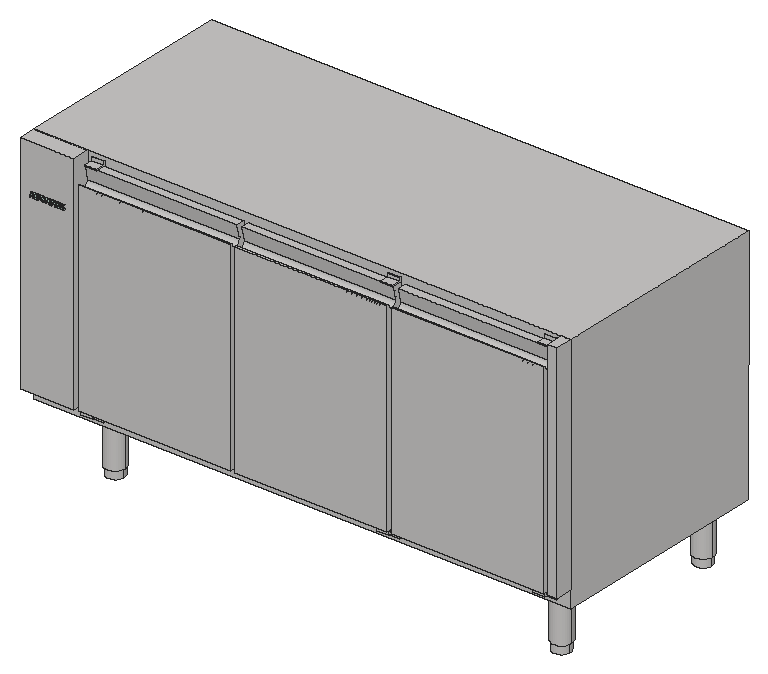
Revit family "QF_ALPENINOX_712137_AK3R7AAA", category Specialty Equipment, Revit 2018
Family settings
  Round Connector Dimension = Use Diameter
  Part Type = Normal
  Work Plane-Based = No
  Always vertical = Yes
  Cut with Voids When Loaded = No
  Shared = No
  Room Calculation Point = No
Parameters
  Weight = 0.00 kg
  Watts = 2.78709 W
  Volts = 220 V
  URL Manufacturer = "http://www.alpeninox.com"
  URL = "http://www.alpeninox.com"
  Steam Supply Size = 0 mm
  Steam Supply Minimum Pressure = 0.0 Pa
  Steam Supply Maximum Pressure = 0.0 Pa
  Steam Pounds per Hour = 0
  Refrigeration Suction Line Size = 0 mm
  Refrigeration Liquid Line Size = 0 mm
  Refrigerant Compressor Remote = yes
  Manufacturer = "Alpeninox"
  Phase = 1
  Model = "AK3R7AAA"
  Length Actual = 1557 mm  # constant formula
  Length = 1557 mm
  Item Number = "712137"
  Hot Water Size = 0 mm
  Height Actual = 850 mm  # constant formula
  Height = 700 mm
  HP = "0 HP"
  Gas Size = 0 mm
  Gas KW = 0
  Gas Input Pressure = 0 W
  Depth Actual = 700 mm  # constant formula
  Depth = 695 mm
  Description = "3 DOOR REFRIGERATED TABLE -2C-NO TOP REM "
  Cycle = 60 Hz
  Condensate Return Size = 0 mm
  Compressed Air Volume = 0.0 L/s
  Compressed Air Size = 0 mm
  Compressed Air Pressure = 0.0 Pa
  Cold Water Size = 0 mm
  Accessory = yes
Reference planes
  plane 1: z = 0
  plane 2 "Center (Left/Right)": x = -124.5
  plane 3 "Center (Front/Back)": y = 64.5
  plane 4 "FEET": z = 150
  plane 5 "TOP": z = 900
  plane 6 "PLAIN": z = 850
  plane 7 "EI_back": y = 359
  plane 8 "EI_left": x = -837
  plane 9 "BACK": y = 412
  plane 10 "FRONT": y = -283
  plane 11 "DOOR": y = -233
  plane 12 "LEFT": x = -903
  plane 13 "RIGHT": x = 654
  plane 14: x = -878
  plane 15: x = 629
  plane 16 "RO_left": x = -863
  plane 17 "RI_left": x = -811
  plane 18 "RO_back": y = 375.5
  plane 19 "RI_back": y = 375.5
  plane 20 "DRAINleft": x = -837
  plane 21 "DRAINback": y = 164
Forms (mm)
  Extrusion 1, solid, material "QF_Finishes_Stainless Steel"
    sketch origin (-1022.223, -1524, 150) x (-1, 0, 0) y (0, -1, 0)
      loop
        circle (-185.223, -1883) r 5
    from 0 to -40
  Extrusion 2, solid, material "QF_Finishes_Stainless Steel"
    sketch origin (-1022.223, -1524, 150) x (-1, 0, 0) y (0, -1, 0)
      loop
        line (-1651.223, -1291) -> (-1651.223, -1241) -> (-1676.223, -1241) -> (-1676.223, -1291) -> (-1651.223, -1291)
    from 48 to 700 <- "Height"
  Extrusion 3, solid, material "QF_Finishes_Stainless Steel"
    sketch origin (-1022.223, -1524, 150) x (-1, 0, 0) y (0, -1, 0)
      loop
        circle (-159.223, -1899.5) r 4.25
    from 0 to -20
  Extrusion 4, solid, material "QF_Finishes_Stainless Steel"
    sketch origin (-1022.223, -1524, 150) x (-1, 0, 0) y (0, -1, 0)
      loop
        circle (-211.223, -1899.5) r 4
    from 0 to -20
  Extrusion 5, solid, material "QF_Finishes_Stainless Steel"
    sketch origin (-1022.223, -1524, 150) x (-1, 0, 0) y (0, -1, 0)
      loop
        circle (-185.223, -1688) r 8.5
    from 0 to -40
  Extrusion 6, solid, material "QF_Finishes_Stainless Steel"
    sketch origin (-1022.223, -1524, 150) x (-1, 0, 0) y (0, -1, 0)
      loop
        line (-119.223, -1936) -> (-119.223, -1291) -> (-1676.223, -1291) -> (-1676.223, -1936) -> (-119.223, -1936)
    from 0 to 700 <- "Height"
Lines and regions (mm)
  symbolic lines, style "SpecialityEquipmentHiddenLines"
    curve 1: line (-903, 412, 150) -> (654, 412, 150)
    curve 2: line (-903, -283, 150) -> (-903, 412, 150)
    curve 3: line (654, -283, 150) -> (-903, -283, 150)
    curve 4: line (654, 412, 150) -> (654, -283, 150)
    curve 5: line (-903, -233, 150) -> (654, -233, 150)
    curve 6: line (629, -233, 150) -> (629, -283, 150)
Dimensions and locks
  plane 4 "FEET" to level = 150 mm
  plane 11 "DOOR" to plane 10 "FRONT" = 50 mm
  "Height": plane 6 "PLAIN" to plane 4 "FEET"
  plane 5 "TOP" to plane 6 "PLAIN" = 50 mm
  plane 12 "LEFT" to plane 14 = 25 mm
  plane 15 to plane 13 "RIGHT" = 25 mm
  plane 9 "BACK" to plane 18 "RO_back" = 36.5 mm
  plane 9 "BACK" to plane 7 "EI_back" = 53 mm
  plane 9 "BACK" to plane 19 "RI_back" = 36.5 mm
  plane 9 "BACK" to plane 21 "DRAINback" = 248 mm
  plane 12 "LEFT" to plane 20 "DRAINleft" = 66 mm
  plane 12 "LEFT" to plane 8 "EI_left" = 66 mm
  plane 12 "LEFT" to plane 17 "RI_left" = 92 mm
  plane 12 "LEFT" to plane 16 "RO_left" = 40 mm
  "Depth": plane 9 "BACK" to plane 10 "FRONT"
  equal spacing: plane 9 "BACK", plane 3 "Center (Front/Back)", plane 10 "FRONT"
  "Length": plane 12 "LEFT" to plane 13 "RIGHT"
  equal spacing: plane 12 "LEFT", plane 2 "Center (Left/Right)", plane 13 "RIGHT"
  aligned and locked: level to plane 1
Automatic sketch dimensions
  Extrusion 1 sketch curve to plane 7 "EI_back" = 0 mm
  Extrusion 1 sketch curve to plane 8 "EI_left" = 0 mm
  Extrusion 2 sketch curve to plane 11 "DOOR" = 0 mm
  Extrusion 2 sketch curve to plane 13 "RIGHT" = 0 mm
  Extrusion 2 sketch curve to plane 10 "FRONT" = 0 mm
  Extrusion 2 sketch curve to plane 15 = 0 mm
  Extrusion 3 sketch curve to plane 16 "RO_left" = 0 mm
  Extrusion 3 sketch curve to plane 18 "RO_back" = 0 mm
  Extrusion 4 sketch curve to plane 17 "RI_left" = 0 mm
  Extrusion 4 sketch curve to plane 19 "RI_back" = 0 mm
  Extrusion 5 sketch curve to plane 20 "DRAINleft" = 0 mm
  Extrusion 5 sketch curve to plane 21 "DRAINback" = 0 mm
  Extrusion 6 sketch curve to plane 9 "BACK" = 0 mm
  Extrusion 6 sketch curve to plane 13 "RIGHT" = 0 mm
  Extrusion 6 sketch curve to plane 11 "DOOR" = 0 mm
  Extrusion 6 sketch curve to plane 12 "LEFT" = 0 mm
  curve 1 to plane 13 "RIGHT" = 0 mm
  curve 6 to plane 15 = 0 mm
  curve 5 to plane 11 "DOOR" = 0 mm
  curve 5 to plane 12 "LEFT" = 0 mm
  curve 6 to plane 10 "FRONT" = 0 mm
  curve 1 to plane 9 "BACK" = 0 mm
  radius of Extrusion 1 sketch curve = 5 mm
  radius of Extrusion 3 sketch curve = 4.25 mm
  radius of Extrusion 4 sketch curve = 4 mm
  radius of Extrusion 5 sketch curve = 8.5 mm
Nested families
  nested 1: "Refrigerator" at (654, -283, 0), type "Refrigerator"
  nested 2: "FEET" at (-707, 331, 0), type "FEET"
  nested 3: "FEET" at (588, 331, 0), type "FEET"
  nested 4: "FEET" at (-707, -183, 0), type "FEET"
  nested 5: "FEET" at (588, -183, 0), type "FEET"
  nested 6: "APX_REM_TN_L" at (-746.08, -233, 598) x (1, 0, 0) z (0, -1, 0), type "APX_REM_TN_L"
    with Show Logo yes
  nested 7: "APX_SD_L" at (-513, -233, 512) x (1, 0, 0) z (0, -1, 0), type "APX_SD_L"
    with Show Clearance yes
  nested 8: "APX_SD_R" at (-59, -233, 512) x (1, 0, 0) z (0, -1, 0), type "APX_SD_R"
    with Show Clearance yes
  nested 9: "APX_SD_R" at (395, -233, 512) x (1, 0, 0) z (0, -1, 0), type "APX_SD_R"
    with Show Clearance yes
Connectors
  electrical at (-837, 359, 110), driven by "Volts"
    settings: on Extrusion 1, index 1, voltage 220 V, apparent load 0 VA, apparent load phase1 0 VA, apparent load phase2 0 VA, apparent load phase3 0 VA, power factor 1, load classification "Other", number of poles 1, system type 31, power factor state 1, is connector primary yes, connector utility no, sub classification motor no, connector description "Electrical Connection"
  piping at (-863, 375.5, 130), diameter 9.5
    settings: on Extrusion 3, index 3, connector inside diameter 609.6 mm, connector length 0 mm, flow factor 0, pipe flow 0.0 L/s, pressure drop 0.0 Pa, fitting loss kfactor 0, connector angle 0.00°, fixture units 0, engagement length 0 mm, angle of deflection 0.00°, flow configuration 1, flow direction 2, fitting loss method 0, system type 8, joint type 0, gender type 0, connector reference index -1, connector utility 0, adjustable connector no, is connector primary yes, connector description "Refrigerant Outlet"
  piping at (-811, 375.5, 130), diameter 8
    settings: on Extrusion 4, index 4, connector inside diameter 609.6 mm, connector length 0 mm, flow factor 0, pipe flow 0.0 L/s, pressure drop 0.0 Pa, fitting loss kfactor 0, connector angle 0.00°, fixture units 0, engagement length 0 mm, angle of deflection 0.00°, flow configuration 1, flow direction 1, fitting loss method 0, system type 7, joint type 0, gender type 0, connector reference index -1, connector utility 0, adjustable connector no, is connector primary no, connector description "Refrigerant Inlet"
  piping at (-837, 164, 110), diameter 17
    settings: on Extrusion 5, index 5, connector inside diameter 609.6 mm, connector length 0 mm, flow factor 0, pipe flow 0.0 L/s, pressure drop 0.0 Pa, fitting loss kfactor 0, connector angle 0.00°, fixture units 0, engagement length 0 mm, angle of deflection 0.00°, flow configuration 1, flow direction 2, fitting loss method 0, system type 16, joint type 0, gender type 0, connector reference index -1, connector utility 0, adjustable connector no, is connector primary no, connector description "Drain"
Definition of nested family "FEET"
  Parameters
    FEET = 150 mm
  Reference planes
    plane 1 "Center (Front/Back)": y = 0
    plane 2: z = 0
    plane 3 "Center (Left/Right)": x = 0
    plane 4: z = 150
  Forms (mm)
    Revolve 1, solid
      sketch origin (255.05, 0, 608.09) x (0, 0, 1) y (-1, 0, 0)
        loop
          line (-608.09, 255.05) -> (-608.09, 230.05) -> (-583.09, 230.05) -> (-583.09, 226.05) -> (-458.09, 226.05) -> (-458.09, 255.05) -> (-608.09, 255.05)
        axis (-608.09, 255.05) -> (-458.09, 255.05)
      angle from 0 to 360
  Dimensions and locks
    locked: Revolve 1 sketch curve to Revolve 1 sketch curve at 125
    "FEET": plane 4 to plane 2
    aligned and locked: level to plane 2
    aligned and locked: plane 4 to Revolve 1 sketch curve
    aligned and locked: Revolve 1 sketch curve to level
    aligned and locked: plane 3 "Center (Left/Right)" to Revolve 1 sketch curve
  Automatic sketch dimensions
    Revolve 1 sketch curve to plane 3 "Center (Left/Right)" = 0 mm
    Revolve 1 sketch curve to Revolve 1 sketch curve = 25 mm
    Revolve 1 sketch curve to Revolve 1 sketch curve = 29 mm
    plane 4 to Revolve 1 sketch curve = 50 mm
    Revolve 1 sketch curve to Revolve 1 sketch curve = 20 mm
Definition of nested family "APX_REM_TN_L"
  Parameters
    Show Logo [instance] = yes
    Default Elevation = 1219.2 mm
  Reference planes
    plane 1 "Centro (Fronte/Retro)": y = -74
    plane 2: z = 0
    plane 3 "Centro (Sinistra/Destra)": x = -78.92
  Forms (mm)
    Extrusion 1, solid
      sketch origin (0, 0, 0) x (1, 0, 0) y (0, 1, 0)
        loop
          line (-1219.2, 1219.2) -> (-1219.2, -1219.2) -> (1219.2, -1219.2) -> (1219.2, 1219.2) -> (-1219.2, 1219.2)
      from 0 to -304.8
    Extrusion 2, solid
      sketch origin (1.08, 0, 0) x (1, 0, 0) y (0, 1, 0)
        loop
          line (-158, 252) -> (-158, -400) -> (-2, -400) -> (-2, 252) -> (-158, 252)
      from 0 to 50
    Extrusion 3, solid
      sketch origin (44.22, -49.023, 0) x (1, 0, 0) y (0, 1, 0)
        loop
          line (-168.675, 170.349) -> (-172.411, 160.318)
          arc (-172.411, 160.318) -> (-171.624, 158.497) -> (-169.837, 159.36) r 1.374
          line (-169.837, 159.36) -> (-169.268, 161.111) -> (-164.1, 161.111) -> (-163.54, 159.379)
          arc (-163.54, 159.379) -> (-161.802, 158.542) -> (-161.049, 160.318) r 1.333
          line (-161.049, 160.318) -> (-164.694, 170.349)
          arc (-164.694, 170.349) -> (-166.685, 171.876) -> (-168.675, 170.349) r 2.06
        loop
          line (-166.681, 169.055) -> (-168.469, 163.655) -> (-164.935, 163.655) -> (-166.681, 169.055)
        loop
          arc (-159.705, 160.042) -> (-159.262, 158.973) -> (-158.194, 158.531) r 1.512
          line (-158.194, 158.531) -> (-153.608, 158.531)
          arc (-153.608, 158.531) -> (-152.337, 159.802) -> (-153.608, 161.074) r 1.272
          line (-153.608, 161.074) -> (-156.917, 161.074) -> (-156.917, 170.328)
          arc (-156.917, 170.328) -> (-158.311, 171.722) -> (-159.705, 170.328) r 1.394
          line (-159.705, 170.328) -> (-159.705, 160.042)
        loop
          line (-151.076, 170.218) -> (-151.076, 159.859)
          arc (-151.076, 159.859) -> (-149.683, 158.466) -> (-148.29, 159.859) r 1.393
          line (-148.29, 159.859) -> (-148.29, 162.882) -> (-146.225, 162.882)
          arc (-146.225, 162.882) -> (-142.999, 163.859) -> (-141.608, 166.928) r 4.082
          arc (-141.608, 166.928) -> (-142.993, 170.272) -> (-146.336, 171.657) r 4.728
          line (-146.336, 171.657) -> (-149.638, 171.657)
          arc (-149.638, 171.657) -> (-150.655, 171.235) -> (-151.076, 170.218) r 1.439
        loop
          line (-148.29, 165.313) -> (-146.388, 165.313)
          arc (-146.388, 165.313) -> (-144.433, 167.268) -> (-146.388, 169.222) r 1.955
          line (-146.388, 169.222) -> (-148.29, 169.222) -> (-148.29, 165.313)
        loop
          arc (-131.184, 166.332) -> (-132.004, 168.2) -> (-133.767, 169.228) r 3.3
          arc (-133.767, 169.228) -> (-136.353, 168.661) -> (-137.611, 166.332) r 3.176
          line (-137.611, 166.332) -> (-131.184, 166.332)
        loop
          line (-137.538, 163.743) -> (-130.544, 163.743)
          arc (-130.544, 163.743) -> (-129.292, 163.916) -> (-128.301, 164.701) r 2.4
          arc (-128.301, 164.701) -> (-128.155, 165.545) -> (-128.212, 166.399) r 3.635
          arc (-128.212, 166.399) -> (-130.364, 170.162) -> (-134.39, 171.769) r 6.579
          arc (-134.39, 171.769) -> (-138.918, 169.706) -> (-140.661, 165.044) r 6.501
          arc (-140.661, 165.044) -> (-139.276, 160.789) -> (-135.401, 158.549) r 6.252
          arc (-135.401, 158.549) -> (-132.922, 158.526) -> (-130.544, 159.232) r 8.361
          arc (-130.544, 159.232) -> (-129.466, 159.781) -> (-128.641, 160.666) r 3.486
          arc (-128.641, 160.666) -> (-128.419, 161.592) -> (-128.828, 162.451) r 1.425
          arc (-128.828, 162.451) -> (-129.368, 162.762) -> (-129.99, 162.762) r 1.203
          arc (-129.99, 162.762) -> (-130.406, 162.59) -> (-130.764, 162.316) r 1.724
          arc (-130.764, 162.316) -> (-131.666, 161.705) -> (-132.646, 161.229) r 7.6
          arc (-132.646, 161.229) -> (-135.676, 161.35) -> (-137.538, 163.743) r 3.6
        loop
          line (-126.669, 170.328) -> (-126.669, 159.859)
          arc (-126.669, 159.859) -> (-125.273, 158.463) -> (-123.878, 159.859) r 1.396
          line (-123.878, 159.859) -> (-123.878, 166.785) -> (-117.946, 159.029)
          arc (-117.946, 159.029) -> (-116.361, 158.51) -> (-115.379, 159.859) r 1.417
          line (-115.379, 159.859) -> (-115.379, 170.328)
          arc (-115.379, 170.328) -> (-116.774, 171.723) -> (-118.169, 170.328) r 1.395
          line (-118.169, 170.328) -> (-118.169, 163.311) -> (-124.101, 171.157)
          arc (-124.101, 171.157) -> (-125.687, 171.678) -> (-126.669, 170.328) r 1.418
        loop
          arc (-113.636, 159.859) -> (-112.241, 158.464) -> (-110.847, 159.859) r 1.394
          line (-110.847, 159.859) -> (-110.847, 170.328)
          arc (-110.847, 170.328) -> (-112.241, 171.723) -> (-113.636, 170.328) r 1.394
          line (-113.636, 170.328) -> (-113.636, 159.859)
        loop
          line (-109.102, 170.328) -> (-109.102, 159.859)
          arc (-109.102, 159.859) -> (-107.706, 158.463) -> (-106.31, 159.859) r 1.396
          line (-106.31, 159.859) -> (-106.31, 166.785) -> (-100.378, 159.029)
          arc (-100.378, 159.029) -> (-98.793, 158.51) -> (-97.812, 159.859) r 1.417
          line (-97.812, 159.859) -> (-97.812, 170.328)
          arc (-97.812, 170.328) -> (-99.207, 171.723) -> (-100.602, 170.328) r 1.395
          line (-100.602, 170.328) -> (-100.602, 163.311) -> (-106.533, 171.157)
          arc (-106.533, 171.157) -> (-108.119, 171.678) -> (-109.102, 170.328) r 1.418
        loop
          arc (-96.345, 165.093) -> (-95.619, 161.877) -> (-93.467, 159.379) r 6.806
          arc (-93.467, 159.379) -> (-91.792, 158.566) -> (-89.948, 158.31) r 5.956
          arc (-89.948, 158.31) -> (-88.104, 158.566) -> (-86.43, 159.379) r 5.956
          arc (-86.43, 159.379) -> (-84.277, 161.877) -> (-83.551, 165.093) r 6.806
          arc (-83.551, 165.093) -> (-84.277, 168.31) -> (-86.43, 170.808) r 6.806
          arc (-86.43, 170.808) -> (-88.104, 171.621) -> (-89.948, 171.877) r 5.956
          arc (-89.948, 171.877) -> (-91.792, 171.621) -> (-93.467, 170.808) r 5.956
          arc (-93.467, 170.808) -> (-95.619, 168.31) -> (-96.345, 165.093) r 6.806
        loop
          arc (-93.425, 165.093) -> (-93.138, 163.212) -> (-92.081, 161.629) r 4.387
          arc (-92.081, 161.629) -> (-91.087, 161.049) -> (-89.948, 160.881) r 3.035
          arc (-89.948, 160.881) -> (-88.809, 161.049) -> (-87.815, 161.629) r 3.035
          arc (-87.815, 161.629) -> (-86.759, 163.212) -> (-86.472, 165.093) r 4.387
          arc (-86.472, 165.093) -> (-86.759, 166.975) -> (-87.815, 168.558) r 4.387
          arc (-87.815, 168.558) -> (-88.809, 169.138) -> (-89.948, 169.306) r 3.035
          arc (-89.948, 169.306) -> (-91.087, 169.138) -> (-92.081, 168.558) r 3.035
          arc (-92.081, 168.558) -> (-93.138, 166.975) -> (-93.425, 165.093) r 4.387
        loop
          line (-82.843, 169.609) -> (-79.829, 165.552) -> (-83.513, 160.652)
          arc (-83.513, 160.652) -> (-83.216, 158.692) -> (-81.262, 159.029) r 1.388
          line (-81.262, 159.029) -> (-78.213, 163.232) -> (-75.164, 159.029)
          arc (-75.164, 159.029) -> (-73.211, 158.692) -> (-72.913, 160.652) r 1.388
          line (-72.913, 160.652) -> (-76.597, 165.552) -> (-73.584, 169.609)
          arc (-73.584, 169.609) -> (-73.952, 171.597) -> (-75.908, 171.084) r 1.38
          line (-75.908, 171.084) -> (-78.213, 167.841) -> (-80.519, 171.084)
          arc (-80.519, 171.084) -> (-82.474, 171.597) -> (-82.843, 169.609) r 1.38
      from 50 to 51.6
  Lines and regions (mm)
    Split face 1
      outline origin (1.08, 0, 50) x (1, 0, 0) y (0, 1, 0)
        loop
          line (-2, 188) -> (-158, 188)
    Split face 2
      outline origin (1.08, 0, 50) x (1, 0, 0) y (0, 1, 0)
        loop
          line (-158, 178) -> (-2, 178)
    Split face 3
      outline origin (1.08, 0, 50) x (1, 0, 0) y (0, 1, 0)
        loop
          line (-2, 104) -> (-158, 104)
    Split face 4
      outline origin (1.08, 0, 50) x (1, 0, 0) y (0, 1, 0)
        loop
          line (-2, 94) -> (-158, 94)
    Split face 5
      outline origin (1.08, 0, 50) x (1, 0, 0) y (0, 1, 0)
        loop
          line (-110, 163.931) -> (-110, 134.412) -> (-50, 134.412) -> (-50, 163.931) -> (-110, 163.931)
    Split face 6
      outline origin (1.08, 0, 50) x (1, 0, 0) y (0, 1, 0)
        loop
          line (-70, 160.931) -> (-70, 137.412) -> (-53, 137.412) -> (-53, 160.931) -> (-70, 160.931)
    symbolic lines
      curve 1: line (-2, -74, 50) -> (-2, -74, 0)
  Dimensions and locks
    equal spacing: Extrusion 2, plane 3 "Centro (Sinistra/Destra)", Extrusion 2
    equal spacing: Extrusion 2, plane 1 "Centro (Fronte/Retro)", Extrusion 2
    aligned and locked: plane 2 to Extrusion 1
    aligned and locked: level to Extrusion 1
  Automatic sketch dimensions
    curve 1 to level = 0 mm
    plane 3 "Centro (Sinistra/Destra)" to curve 1 = 76.92 mm
    curve 1 to curve 1 = 50 mm
    Extrusion 1 sketch curve to Extrusion 1 sketch curve = 2438.4 mm  (x2)
    Extrusion 2 sketch curve to plane 3 "Centro (Sinistra/Destra)" = 78 mm
    plane 3 "Centro (Sinistra/Destra)" to Extrusion 2 sketch curve = 78 mm
    plane 1 "Centro (Fronte/Retro)" to Extrusion 2 sketch curve = 326 mm
    Extrusion 2 sketch curve to plane 1 "Centro (Fronte/Retro)" = 326 mm
    Extrusion 3 sketch curve to plane 3 "Centro (Sinistra/Destra)" = 49.27 mm
    Extrusion 3 sketch curve to Extrusion 3 sketch curve = 1.266 mm
    Extrusion 3 sketch curve to Extrusion 3 sketch curve = 1.307 mm
    Extrusion 3 sketch curve to Extrusion 3 sketch curve = 0.57 mm
    Extrusion 3 sketch curve to Extrusion 3 sketch curve = 0.593 mm
    Extrusion 3 sketch curve to Extrusion 3 sketch curve = 0.799 mm
    Extrusion 3 sketch curve to Extrusion 3 sketch curve = 1.99 mm  (x2)
    Extrusion 3 sketch curve to Extrusion 3 sketch curve = 0.003 mm
    Extrusion 3 sketch curve to Extrusion 3 sketch curve = 3.534 mm
    Extrusion 3 sketch curve to Extrusion 3 sketch curve = 0.835 mm
    Extrusion 3 sketch curve to Extrusion 3 sketch curve = 0.56 mm
    Extrusion 3 sketch curve to Extrusion 3 sketch curve = 1.268 mm
    Extrusion 3 sketch curve to Extrusion 3 sketch curve = 1.223 mm
    Extrusion 3 sketch curve to Extrusion 3 sketch curve = 1.344 mm
    Extrusion 3 sketch curve to Extrusion 3 sketch curve = 1.394 mm  (x2)
    Extrusion 3 sketch curve to Extrusion 3 sketch curve = 1.512 mm
    Extrusion 3 sketch curve to Extrusion 3 sketch curve = 3.309 mm
    Extrusion 3 sketch curve to Extrusion 3 sketch curve = 5.841 mm
    Extrusion 3 sketch curve to Extrusion 3 sketch curve = 1.393 mm
    Extrusion 3 sketch curve to Extrusion 3 sketch curve = 1.439 mm
    Extrusion 3 sketch curve to Extrusion 3 sketch curve = 0 mm  (x19)
    Extrusion 3 sketch curve to Extrusion 3 sketch curve = 1.902 mm
    Extrusion 3 sketch curve to Extrusion 3 sketch curve = 0.052 mm
    Extrusion 3 sketch curve to Extrusion 3 sketch curve = 2.065 mm
    Extrusion 3 sketch curve to Extrusion 3 sketch curve = 0.647 mm
    Extrusion 3 sketch curve to Extrusion 3 sketch curve = 8.079 mm
    Extrusion 3 sketch curve to Extrusion 3 sketch curve = 0.073 mm
    Extrusion 3 sketch curve to Extrusion 3 sketch curve = 2.145 mm
    Extrusion 3 sketch curve to Extrusion 3 sketch curve = 2.931 mm
    Extrusion 3 sketch curve to Extrusion 3 sketch curve = 0.213 mm
    Extrusion 3 sketch curve to Extrusion 3 sketch curve = 0.026 mm
    Extrusion 3 sketch curve to Extrusion 3 sketch curve = 0.263 mm
    Extrusion 3 sketch curve to Extrusion 3 sketch curve = 0.516 mm
    Extrusion 3 sketch curve to Extrusion 3 sketch curve = 0.356 mm
    Extrusion 3 sketch curve to Extrusion 3 sketch curve = 0.387 mm
    Extrusion 3 sketch curve to Extrusion 3 sketch curve = 2.378 mm
    Extrusion 3 sketch curve to Extrusion 3 sketch curve = 2.466 mm
    Extrusion 3 sketch curve to Extrusion 3 sketch curve = 0.602 mm
    Extrusion 3 sketch curve to Extrusion 3 sketch curve = 1.02 mm
    Extrusion 3 sketch curve to Extrusion 3 sketch curve = 0.949 mm
    Extrusion 3 sketch curve to Extrusion 3 sketch curve = 1.728 mm
    Extrusion 3 sketch curve to Extrusion 3 sketch curve = 0.157 mm  (x2)
    Extrusion 3 sketch curve to Extrusion 3 sketch curve = 0.292 mm
    Extrusion 3 sketch curve to plane 3 "Centro (Sinistra/Destra)" = 3.529 mm
    Extrusion 3 sketch curve to Extrusion 3 sketch curve = 1.396 mm  (x2)
    Extrusion 3 sketch curve to Extrusion 3 sketch curve = 1.418 mm  (x2)
    Extrusion 3 sketch curve to plane 3 "Centro (Sinistra/Destra)" = 0.96 mm
    plane 3 "Centro (Sinistra/Destra)" to Extrusion 3 sketch curve = 4.971 mm
    Extrusion 3 sketch curve to Extrusion 3 sketch curve = 0.224 mm  (x2)
    Extrusion 3 sketch curve to Extrusion 3 sketch curve = 1.149 mm  (x2)
    Extrusion 3 sketch curve to Extrusion 3 sketch curve = 1.395 mm  (x2)
    Extrusion 3 sketch curve to Extrusion 3 sketch curve = 1.744 mm
    Extrusion 3 sketch curve to Extrusion 3 sketch curve = 1.745 mm
    Extrusion 3 sketch curve to Extrusion 3 sketch curve = 1.151 mm
    Extrusion 3 sketch curve to Extrusion 3 sketch curve = 5.709 mm
    Extrusion 3 sketch curve to Extrusion 3 sketch curve = 6.963 mm
    Extrusion 3 sketch curve to Extrusion 3 sketch curve = 0.493 mm  (x3)
    Extrusion 3 sketch curve to Extrusion 3 sketch curve = 0.273 mm  (x2)
    Extrusion 3 sketch curve to Extrusion 3 sketch curve = 0.021 mm  (x2)
    Extrusion 3 sketch curve to Extrusion 3 sketch curve = 0.226 mm  (x2)
    Extrusion 3 sketch curve to Extrusion 3 sketch curve = 0.268 mm  (x2)
    Extrusion 3 sketch curve to Extrusion 3 sketch curve = 0.294 mm
    Extrusion 3 sketch curve to Extrusion 3 sketch curve = 5.534 mm
    Extrusion 3 sketch curve to Extrusion 3 sketch curve = 6.205 mm
    Extrusion 3 sketch curve to Extrusion 3 sketch curve = 1.109 mm  (x2)
    Extrusion 3 sketch curve to Extrusion 3 sketch curve = 1.108 mm  (x2)
    Extrusion 3 sketch curve to Extrusion 3 sketch curve = 1.142 mm  (x2)
    Extrusion 3 sketch curve to Extrusion 3 sketch curve = 1.216 mm  (x2)
    Extrusion 3 sketch curve to Extrusion 3 sketch curve = 3.013 mm
    Extrusion 3 sketch curve to Extrusion 3 sketch curve = 1.616 mm  (x3)
    Extrusion 3 sketch curve to Extrusion 3 sketch curve = 2.305 mm
    Extrusion 3 sketch curve to Extrusion 3 sketch curve = 3.049 mm
    Extrusion 3 sketch curve to plane 1 "Centro (Fronte/Retro)" = 183.508 mm
    Extrusion 3 sketch curve to Extrusion 3 sketch curve = 0.498 mm
    Extrusion 3 sketch curve to Extrusion 3 sketch curve = 0.682 mm
    Extrusion 3 sketch curve to Extrusion 3 sketch curve = 0.664 mm
    Extrusion 3 sketch curve to Extrusion 3 sketch curve = 0.425 mm
    Extrusion 3 sketch curve to Extrusion 3 sketch curve = 0.41 mm
    Extrusion 3 sketch curve to Extrusion 3 sketch curve = 1.272 mm
    Extrusion 3 sketch curve to Extrusion 3 sketch curve = 0.789 mm  (x2)
    Extrusion 3 sketch curve to Extrusion 3 sketch curve = 0.056 mm
    Extrusion 3 sketch curve to Extrusion 3 sketch curve = 0.83 mm
    Extrusion 3 sketch curve to Extrusion 3 sketch curve = 1.238 mm
    Extrusion 3 sketch curve to Extrusion 3 sketch curve = 1.732 mm
    Extrusion 3 sketch curve to Extrusion 3 sketch curve = 0.346 mm
    Extrusion 3 sketch curve to Extrusion 3 sketch curve = 1.123 mm
    Extrusion 3 sketch curve to Extrusion 3 sketch curve = 3.023 mm
    Extrusion 3 sketch curve to Extrusion 3 sketch curve = 4.203 mm
    Extrusion 3 sketch curve to Extrusion 3 sketch curve = 3.452 mm  (x2)
    Extrusion 3 sketch curve to Extrusion 3 sketch curve = 2.544 mm
    Extrusion 3 sketch curve to Extrusion 3 sketch curve = 1.177 mm
    Extrusion 3 sketch curve to Extrusion 3 sketch curve = 3.261 mm
    Extrusion 3 sketch curve to Extrusion 3 sketch curve = 0.352 mm  (x2)
    Extrusion 3 sketch curve to Extrusion 3 sketch curve = 1.987 mm
    Extrusion 3 sketch curve to Extrusion 3 sketch curve = 0.171 mm
    Extrusion 3 sketch curve to Extrusion 3 sketch curve = 0.533 mm  (x3)
    Extrusion 3 sketch curve to Extrusion 3 sketch curve = 0.14 mm  (x4)
    Extrusion 3 sketch curve to Extrusion 3 sketch curve = 0.473 mm
    Extrusion 3 sketch curve to Extrusion 3 sketch curve = 0.31 mm  (x2)
    Extrusion 3 sketch curve to Extrusion 3 sketch curve = 0.075 mm
    Extrusion 3 sketch curve to Extrusion 3 sketch curve = 2.431 mm
    Extrusion 3 sketch curve to Extrusion 3 sketch curve = 2.32 mm  (x2)
    Extrusion 3 sketch curve to Extrusion 3 sketch curve = 1.992 mm
    Extrusion 3 sketch curve to Extrusion 3 sketch curve = 0.674 mm
    Extrusion 3 sketch curve to Extrusion 3 sketch curve = 0.732 mm
    Extrusion 3 sketch curve to Extrusion 3 sketch curve = 0.388 mm
    Extrusion 3 sketch curve to Extrusion 3 sketch curve = 0.121 mm
    Extrusion 3 sketch curve to Extrusion 3 sketch curve = 2.589 mm
    Extrusion 3 sketch curve to Extrusion 3 sketch curve = 0.662 mm
    Extrusion 3 sketch curve to Extrusion 3 sketch curve = 3.473 mm
    Extrusion 3 sketch curve to Extrusion 3 sketch curve = 0.681 mm
    Extrusion 3 sketch curve to Extrusion 3 sketch curve = 1.615 mm
    Extrusion 3 sketch curve to Extrusion 3 sketch curve = 0.34 mm
    Extrusion 3 sketch curve to Extrusion 3 sketch curve = 2.288 mm
    Extrusion 3 sketch curve to Extrusion 3 sketch curve = 0.942 mm
    Extrusion 3 sketch curve to Extrusion 3 sketch curve = 5.4 mm
    Extrusion 3 sketch curve to Extrusion 3 sketch curve = 1.768 mm  (x2)
    Extrusion 3 sketch curve to Extrusion 3 sketch curve = 0.761 mm
    Extrusion 3 sketch curve to Extrusion 3 sketch curve = 0.996 mm
    Extrusion 3 sketch curve to Extrusion 3 sketch curve = 3.543 mm  (x2)
    Extrusion 3 sketch curve to Extrusion 3 sketch curve = 7.017 mm
    Extrusion 3 sketch curve to Extrusion 3 sketch curve = 0.11 mm
    Extrusion 3 sketch curve to Extrusion 3 sketch curve = 0.823 mm  (x2)
    Extrusion 3 sketch curve to Extrusion 3 sketch curve = 0.947 mm
    Extrusion 3 sketch curve to Extrusion 3 sketch curve = 3.837 mm
    Extrusion 3 sketch curve to Extrusion 3 sketch curve = 0.623 mm
    Extrusion 3 sketch curve to Extrusion 3 sketch curve = 1.082 mm
    Extrusion 3 sketch curve to Extrusion 3 sketch curve = 0.801 mm
    Extrusion 3 sketch curve to Extrusion 3 sketch curve = 1 mm
    Extrusion 3 sketch curve to Extrusion 3 sketch curve = 0.089 mm
    Extrusion 3 sketch curve to Extrusion 3 sketch curve = 4.257 mm
    Extrusion 3 sketch curve to Extrusion 3 sketch curve = 4.345 mm  (x2)
    Extrusion 3 sketch curve to Extrusion 3 sketch curve = 2.576 mm
    Extrusion 3 sketch curve to Extrusion 3 sketch curve = 1.385 mm  (x4)
    Extrusion 3 sketch curve to Extrusion 3 sketch curve = 2.133 mm  (x4)
    Extrusion 3 sketch curve to Extrusion 3 sketch curve = 3.518 mm
    Extrusion 3 sketch curve to Extrusion 3 sketch curve = 5.603 mm
    Extrusion 3 sketch curve to Extrusion 3 sketch curve = 2.571 mm
    Split face 1 sketch curve to Extrusion 2 = 0 mm  (x2)
    Split face 1 sketch curve to Extrusion 2 = 64 mm
    Split face 2 sketch curve to Extrusion 2 = 0 mm
    Split face 2 sketch curve to Extrusion 2 = 74 mm
    Extrusion 2 to Split face 2 sketch curve = 0 mm
    Split face 3 sketch curve to Extrusion 2 = 0 mm  (x2)
    Split face 3 sketch curve to Extrusion 2 = 148 mm
    Split face 4 sketch curve to Extrusion 2 = 0 mm  (x2)
    Split face 4 sketch curve to Extrusion 2 = 158 mm
    Split face 5 sketch curve to Extrusion 2 = 48 mm  (x2)
    Split face 5 sketch curve to Extrusion 2 = 117.588 mm
    Split face 5 sketch curve to Split face 5 sketch curve = 29.518 mm
    Split face 6 sketch curve to Extrusion 2 = 68 mm
    Split face 6 sketch curve to Split face 6 sketch curve = 17 mm
    Split face 6 sketch curve to Extrusion 2 = 114.588 mm
    Split face 6 sketch curve to Split face 6 sketch curve = 23.518 mm
Definition of nested family "APX_SD_L"
  Parameters
    Show Clearance [instance] = yes
    Default Elevation = 1219.2 mm
  Reference planes
    plane 1 "Center (Front/Back)": y = 0
    plane 2: z = 0
    plane 3 "Center (Left/Right)": x = 0
    plane 4: x = -234
    plane 5: x = 234
  Forms (mm)
    Extrusion 1, solid
      sketch origin (0, 0, 0) x (1, 0, 0) y (0, 1, 0)
        loop
          line (-1219.2, 1219.2) -> (-1219.2, -1219.2) -> (1219.2, -1219.2) -> (1219.2, 1219.2) -> (-1219.2, 1219.2)
      from 0 to -304.8
    Extrusion 2, solid
      sketch origin (0, 0, -3) x (0, 1, 0) y (0, 0, 1)
        loop
          line (-314, 53) -> (-314, 3) -> (314, 3) -> (314, 29) -> (274.395, 20)
          arc (274.395, 20) -> (260.396, 33.803) -> (274, 47.994) r 14
          line (274, 47.994) -> (274, 53) -> (-314, 53)
      from -220 to 220
    Extrusion 3, solid
      sketch origin (0, 0, 0) x (0, 1, 0) y (0, 0, -1)
        loop
          line (-323.003, -40.312) -> (-323.003, -12.259) -> (-323.003, 0) -> (-351.511, 0) -> (-351.511, -2.5) -> (-325.503, -2.5) -> (-325.503, -42.812) -> (-316.501, -42.812) -> (-316.501, -40.312) -> (-323.003, -40.312)
        loop
          line (-314, -38.311) -> (-314, -11.804) -> (-319.752, -11.804) -> (-319.752, -14.304) -> (-316.501, -14.304) -> (-316.501, -38.311) -> (-314, -38.311)
        loop
          line (315.003, -27.948) -> (317.503, -27.948) -> (317.503, -2.5) -> (327.503, -2.5) -> (327.503, 0) -> (315.003, 0) -> (315.003, -2.948) -> (315.003, -27.948)
      from 185 to 220
    Extrusion 4, solid, visible <- "Show Clearance", detail levels coarse
      sketch origin (0, 0, -3) x (-1, 0, 0) y (0, 0, -1)
        loop
          line (220, -53) -> (-220, -53)
          arc (-220, -53) -> (-79.636, -340.04) -> (220, -451) r 430
          line (220, -451) -> (220, -53)
      from -314 to 314
  Lines and regions (mm)
    symbolic lines
      curve 1: arc (219.599, 0, 55) -> (95.934, 0, 321.503) -> (-170, 0, 446.39) r 430
      curve 2: line (-220, 0, 55) -> (-220, 0, 448)
      curve 3: line (-170, 0, 55) -> (-170, 0, 448)
      curve 4: line (-220, 0, 448) -> (-170, 0, 448)
  Dimensions and locks
    plane 4 to plane 3 "Center (Left/Right)" to plane 5 = 234 mm locked, 234 mm locked
    aligned and locked: plane 2 to Extrusion 1
    aligned and locked: level to Extrusion 1
Definition of nested family "APX_SD_R"
  Parameters
    Show Clearance [instance] = yes
    Default Elevation = 1219.2 mm
  Reference planes
    plane 1 "Center (Front/Back)": y = 0
    plane 2: z = 0
    plane 3 "Center (Left/Right)": x = 0
    plane 4: x = -234
    plane 5: x = 234
  Forms (mm)
    Extrusion 1, solid
      sketch origin (0, 0, 0) x (1, 0, 0) y (0, 1, 0)
        loop
          line (-1219.2, 1219.2) -> (-1219.2, -1219.2) -> (1219.2, -1219.2) -> (1219.2, 1219.2) -> (-1219.2, 1219.2)
      from 0 to -304.8
    Extrusion 2, solid
      sketch origin (0, 0, -3) x (0, 1, 0) y (0, 0, -1)
        loop
          line (-314, -53) -> (274, -53) -> (274, -47.994)
          arc (274, -47.994) -> (260.396, -33.803) -> (274.395, -20) r 14
          line (274.395, -20) -> (314, -29) -> (314, -3) -> (-314, -3) -> (-314, -53)
      from -220 to 220
    Extrusion 3, solid
      sketch origin (0, 0, 0) x (0, 1, 0) y (0, 0, 1)
        loop
          line (-323.003, 40.312) -> (-316.501, 40.312) -> (-316.501, 42.812) -> (-325.503, 42.812) -> (-325.503, 2.5) -> (-351.511, 2.5) -> (-351.511, 0) -> (-323.003, 0) -> (-323.003, 12.259) -> (-323.003, 40.312)
        loop
          line (-314, 38.311) -> (-316.501, 38.311) -> (-316.501, 14.304) -> (-319.752, 14.304) -> (-319.752, 11.804) -> (-314, 11.804) -> (-314, 38.311)
        loop
          line (315.003, 27.948) -> (315.003, 2.948) -> (315.003, 0) -> (327.503, 0) -> (327.503, 2.5) -> (317.503, 2.5) -> (317.503, 27.948) -> (315.003, 27.948)
      from 185 to 220
    Extrusion 4, solid, visible <- "Show Clearance", detail levels coarse
      sketch origin (0, 0, -3) x (1, 0, 0) y (0, 0, 1)
        loop
          line (220, 53) -> (220, 451)
          arc (220, 451) -> (-79.636, 340.04) -> (-220, 53) r 430
          line (-220, 53) -> (220, 53)
      from -314 to 314
  Lines and regions (mm)
    symbolic lines
      curve 1: arc (-219.599, 0, 55) -> (-95.934, 0, 321.503) -> (170, 0, 446.39) r 430
      curve 2: line (220, 0, 55) -> (220, 0, 448)
      curve 3: line (170, 0, 55) -> (170, 0, 448)
      curve 4: line (220, 0, 448) -> (170, 0, 448)
  Dimensions and locks
    plane 4 to plane 3 "Center (Left/Right)" to plane 5 = 234 mm locked, 234 mm locked
    aligned and locked: plane 2 to Extrusion 1
    aligned and locked: level to Extrusion 1
Definition of nested family "Refrigerator"
  Reference planes
    plane 1 "Center (Front/Back)": y = 0
    plane 2: z = 0
    plane 3 "Center (Left/Right)": x = 0
  Lines and regions (mm)
    detail lines, in view "Ref. Level"
      curve 1: spline (-500, 190, 0) -> (-493.185, 166.706, 0) -> (-473.205, 145, 0) -> (-441.421, 126.36, 0) -> (-400, 112.058, 0) -> (-351.764, 103.067, 0) -> (-300, 100, 0) -> (-248.236, 103.067, 0) -> (-200, 112.058, 0) -> (-158.579, 126.36, 0) -> (-126.795, 145, 0) -> (-106.815, 166.706, 0) -> (-100, 190, 0) -> (-106.815, 213.294, 0) -> (-126.795, 235, 0) -> (-158.579, 253.64, 0) -> (-200, 267.942, 0) -> (-248.236, 276.933, 0) -> (-300, 280, 0) -> (-351.764, 276.933, 0) -> (-400, 267.942, 0) -> (-441.421, 253.64, 0) -> (-473.205, 235, 0) -> (-493.185, 213.294, 0) -> (-500, 190, 0)
      curve 2: line (-300, 130, 0) -> (-300, 250, 0)
      curve 3: line (-351.962, 220, 0) -> (-248.038, 160, 0)
      curve 4: line (-351.962, 160, 0) -> (-248.038, 220, 0)
      curve 5: line (-280.884, 246.873, 0) -> (-300, 225, 0)
      curve 6: line (-300, 225, 0) -> (-319.116, 246.873, 0)
      curve 7: line (-330.311, 207.5, 0) -> (-339.696, 234.992, 0)
      curve 8: line (-358.812, 201.882, 0) -> (-330.311, 207.5, 0)
      curve 9: line (-330.311, 172.5, 0) -> (-358.812, 178.118, 0)
      curve 10: line (-339.696, 145.008, 0) -> (-330.311, 172.5, 0)
      curve 11: line (-300, 155, 0) -> (-319.116, 133.127, 0)
      curve 12: line (-280.884, 133.127, 0) -> (-300, 155, 0)
      curve 13: line (-269.689, 172.5, 0) -> (-260.304, 145.008, 0)
      curve 14: line (-241.188, 178.118, 0) -> (-269.689, 172.5, 0)
      curve 15: line (-269.689, 207.5, 0) -> (-241.188, 201.882, 0)
      curve 16: line (-260.304, 234.992, 0) -> (-269.689, 207.5, 0)
